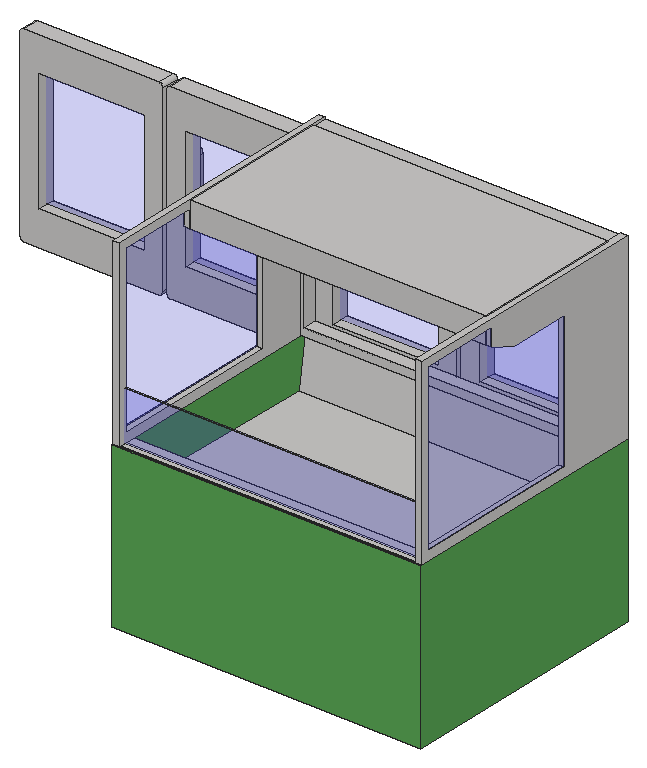
Revit family "Food-Service-Equipment_Oscartek_Italia_1_Self-Serve_Rear-Loading_cat", category Specialty Equipment, Revit 2026
Family settings
  Round Connector Dimension = Use Diameter
  Part Type = Normal
  Classification Number = 23.40.40.11
  Work Plane-Based = No
  Enable Cutting in Views = No
  Always vertical = Yes
  Cut with Voids When Loaded = No
  Maintain Annotation Orientation = No
  Shared = No
  Room Calculation Point = No
Parameters
  Weight in Pounds = 0
  Watts = Volts * FL Amps  # 0 W
  Volts = 0 V
  URL Cutsheet = "www.oscartek.com"
  URL = "www.oscartek.com"
  Type Comments = "As Specified"
  Test Data = "http://www.oscartek.com/company/clients.php"
  Specification by User = ""
  Specification by Manufacturer = ""
  Specification = "https://www.arcat.com/arcatcos/cos48/arc48760.html"
  Show Clearance [instance] = yes
  Serial Number = ""
  Seismic Rating = ""
  Sales Information = "http://www.oscartek.com/company/contact.php"
  SMACNA No = ""
  Revision Code = ""
  Revision = "R1_2018-10"
  Refrigerant Volume = 0.00 kip
  Refrigerant Type = ""
  Product Data = "http://www.oscartek.com/support/manuals/"
  Phase = 0
  Panel Finish [instance] = QF_Plastic - Green - Smooth
  Number of Poles = 1
  NAFEM Spec ID Number = ""
  Model = "ITALIA 1"
  Min Ckt Ampacity = 0 A
  Max Overcurrent Protection = 0 A
  Masterspec = ""
  Manufacturer Website = "http://www.oscartek.com/index.php"
  Manufacturer Phone - Toll Free = "855-885-2400"
  Manufacturer Phone = "650-342-2400"
  Manufacturer Fax = "650-342-7400"
  Manufacturer Address = "361 Beach Rd., Burlingame, CA 94010"
  Manufacturer = "OSCARTEK"
  Length = 39 1/2"
  Item Number = ""
  Installed By = ""
  Installation-Fabrication = "http://www.oscartek.com/support/manuals/"
  Identify Quantity as Lot = yes
  Height = 45 1/4"
  HP = ""
  Green Building-LEED = "https://www.arcat.com/green/green_building.shtml"
  Furnished By = ""
  Foodservice Equipment Identifier = yes
  FL Amps = 0 A
  Electrical Remarks = ""
  Electric Connection Type = ""
  Elec Conn RI Height = 0"
  Elec Conn Connection Height = 0"
  Drawn By = "Sumex Design, Inc. / Robert S. Weygant, CSI, CDT, SCIP"
  Door 4 [instance] = Part Code = 3  # yes
  Door 3 [instance] = and(Part Code = 2, not(Door 4))  # no
  Door 2 [instance] = and(or(Part Code = 1, Part Code = 2, Part Code = 3))  # yes
  Description = "SELF SERVE ITALIA 1 REAR LOADING"
  Depth = 33 1/8"
  Default Elevation = 0"
  Cycle = 0 Hz
  Copyright = "©Arcat Inc."
  Construction Details = "http://www.oscartek.com/support/manuals/"
  Conn Plug = ""
  Conn Conduit = yes
  Part Code = 3
  Code 4 [instance] = Part Code = 3  # yes
  Code 3 [instance] = Part Code = 2  # no
  Code 2 [instance] = Part Code = 1  # no
  Category = ""
  CSI MasterFormat = "11 41 33"
  Building Codes = "https://www.arcat.com/arcatcos/cos48/arc48760.html"
  BTUH = 0.0 Btu/h
  Apparent Power = 0 VA
Reference planes (in)
  plane 1 "BACK": y = 0
  plane 2: z = 0
  plane 3 "LEFT": x = 0
  plane 4 "RIGHT": x = 39.5
  plane 5 "FRONT": y = -33.125
  plane 6 "TOP": z = 45.25
  plane 7 "Center Y": x = 19.75
  plane 8 "Center X": y = -16.5625
  plane 9: x = 0.75
  plane 10: x = 38.6875
  plane 11: y = -2.06737
  plane 12: y = -21.69237
  plane 13: x = 3
  plane 14: x = 36.5
  plane 15: x = 38.6875
  plane 16: x = 38.3125
  plane 17: x = 0.6875
  plane 18: x = 19.5
  plane 19: z = 43.3977
  plane 20: z = 45.0852
  plane 21: x = 38.6875
Forms (in)
  Extrusion 1, solid, material "QF_Plastic - Green - Smooth" <- "Panel Finish"
    sketch origin (39.5, 0, 0) x (0, -1, 0) y (0, 0, 1)
      loop
        line (33.125, 1) -> (33.125, 21.9375) -> (0, 21.9375) -> (0, 1) -> (33.125, 1)
    from 0 to 0.8125
  Extrusion 2, solid, material "QF_Metal - Stainless - Polished"
    sketch origin (0.8125, 0, 0) x (0, 1, 0) y (0, 0, 1)
      loop
        line (-2.29429, 13.5) -> (-26.91929, 13.5) -> (-26.91929, 1) -> (-2.29429, 1) -> (-2.29429, 13.5)
    from 0 to 37.875
  Revolve 3, solid, material "QF_Metal - Stainless - Polished"
    sketch origin (3, -180, -2.80358) x (0, 0, -1) y (0, -1, 0)
      loop
        line (-2.80358, -153.43775) -> (-3.05358, -153.08071) -> (-3.30358, -153.08071) -> (-3.30358, -153.62145) -> (-3.80358, -153.62145) -> (-3.80358, -153.95571) -> (-2.80358, -153.95571) -> (-2.80358, -153.43775)
      axis (-3.80358, -153.95571) -> (-2.80358, -153.95571)
    angle from 0 to 360
  Revolve 4, solid, material "QF_Metal - Stainless - Polished"
    sketch origin (36.5, -180, -2.80358) x (0, 0, -1) y (0, -1, 0)
      loop
        line (-2.80358, -153.43775) -> (-3.05358, -153.08071) -> (-3.30358, -153.08071) -> (-3.30358, -153.62145) -> (-3.80358, -153.62145) -> (-3.80358, -153.95571) -> (-2.80358, -153.95571) -> (-2.80358, -153.43775)
      axis (-3.80358, -153.95571) -> (-2.80358, -153.95571)
    angle from 0 to 360
  Revolve 5, solid, material "QF_Metal - Stainless - Polished"
    sketch origin (3, -157.125, -2.80358) x (0, 0, -1) y (0, -1, 0)
      loop
        line (-2.80358, -153.43775) -> (-3.05358, -153.08071) -> (-3.30358, -153.08071) -> (-3.30358, -153.62145) -> (-3.80358, -153.62145) -> (-3.80358, -153.95571) -> (-2.80358, -153.95571) -> (-2.80358, -153.43775)
      axis (-3.80358, -153.95571) -> (-2.80358, -153.95571)
    angle from 0 to 360
  Revolve 6, solid, material "QF_Metal - Stainless - Polished"
    sketch origin (36.5, -157.125, -2.80358) x (0, 0, -1) y (0, -1, 0)
      loop
        line (-2.80358, -153.43775) -> (-3.05358, -153.08071) -> (-3.30358, -153.08071) -> (-3.30358, -153.62145) -> (-3.80358, -153.62145) -> (-3.80358, -153.95571) -> (-2.80358, -153.95571) -> (-2.80358, -153.43775)
      axis (-3.80358, -153.95571) -> (-2.80358, -153.95571)
    angle from 0 to 360
  Extrusion 7, solid, material "QF_Metal - Stainless - Polished"
    sketch origin (0.8125, -2.29429, 1) x (0, 0, 1) y (1, 0, 0)
      loop
        circle (6.57205, 7.05638) r 1.5
      loop
        line (11.03086, 9.38332) -> (10.03086, 9.38332) -> (10.03086, 7.38332) -> (11.03086, 7.38332) -> (11.03086, 9.38332)
      loop
        line (11.03086, 7.16124) -> (10.53086, 7.16124) -> (10.03086, 7.16124) -> (10.03086, 6.66124) -> (10.53086, 6.66124) -> (11.03086, 6.66124) -> (11.03086, 7.16124)
      loop
        line (11.03086, 6.53291) -> (10.53086, 6.53291) -> (10.03086, 6.53291) -> (10.03086, 6.03291) -> (10.53086, 6.03291) -> (11.03086, 6.03291) -> (11.03086, 6.53291)
      loop
        line (11.03086, 5.90458) -> (10.53086, 5.90458) -> (10.03086, 5.90458) -> (10.03086, 5.40458) -> (10.53086, 5.40458) -> (11.03086, 5.40458) -> (11.03086, 5.90458)
      loop
        line (11.03086, 5.27625) -> (10.53086, 5.27625) -> (10.03086, 5.27625) -> (10.03086, 4.77625) -> (10.53086, 4.77625) -> (11.03086, 4.77625) -> (11.03086, 5.27625)
      loop
        circle (8.06251, 9.75181) r 0.25
      loop
        circle (5.06251, 9.75181) r 0.25
      loop
        circle (8.06251, 4.36094) r 0.25
      loop
        circle (5.06251, 4.36094) r 0.25
    from 0 to 0.125
  Extrusion 8, solid, material "QF_Metal - Stainless - Polished"
    sketch origin (0.8125, -2.29429, 1) x (0, 0, 1) y (1, 0, 0)
      loop
        circle (10.51897, 2.63322) r 0.5
    from 0 to 0.125
  Extrusion 9, solid, material "QF_Metal - Stainless - Polished"
    sketch origin (0.8125, -2.16929, 1) x (0, 0, 1) y (1, 0, 0)
      loop
        circle (6.57705, 7.00671) r 1
    from 0 to 0.5
  Extrusion 10, solid, material "QF_Metal - Stainless - Polished"
    sketch origin (0.8125, -1.66929, 1) x (0, 0, 1) y (1, 0, 0)
      loop
        arc (7.03085, 7.89781) -> (6.57705, 8.00671) -> (6.12325, 7.89781) r 1
        arc (6.12325, 7.89781) -> (6.32225, 6.98889) -> (6.25168, 6.06112) r 3.20374
        arc (6.25168, 6.06112) -> (6.57705, 6.00671) -> (6.90242, 6.06112) r 1
        arc (6.90242, 6.06112) -> (6.83185, 6.98889) -> (7.03085, 7.89781) r 3.20374
    from 0 to 0.25
  Extrusion 11, solid, material "QF_Metal - Stainless - Polished", not visible
    sketch origin (0.8125, -2.29429, 1) x (0, 0, 1) y (1, 0, 0)
      loop
        circle (6.57205, 7.05638) r 1.5
      loop
        line (11.03086, 9.38332) -> (10.03086, 9.38332) -> (10.03086, 7.38332) -> (11.03086, 7.38332) -> (11.03086, 9.38332)
      loop
        line (11.03086, 7.16124) -> (10.53086, 7.16124) -> (10.03086, 7.16124) -> (10.03086, 6.66124) -> (10.53086, 6.66124) -> (11.03086, 6.66124) -> (11.03086, 7.16124)
      loop
        line (11.03086, 6.53291) -> (10.53086, 6.53291) -> (10.03086, 6.53291) -> (10.03086, 6.03291) -> (10.53086, 6.03291) -> (11.03086, 6.03291) -> (11.03086, 6.53291)
      loop
        line (11.03086, 5.90458) -> (10.53086, 5.90458) -> (10.03086, 5.90458) -> (10.03086, 5.40458) -> (10.53086, 5.40458) -> (11.03086, 5.40458) -> (11.03086, 5.90458)
      loop
        line (11.03086, 5.27625) -> (10.53086, 5.27625) -> (10.03086, 5.27625) -> (10.03086, 4.77625) -> (10.53086, 4.77625) -> (11.03086, 4.77625) -> (11.03086, 5.27625)
      loop
        circle (8.06251, 9.75181) r 0.25
      loop
        circle (5.06251, 9.75181) r 0.25
      loop
        circle (8.06251, 4.36094) r 0.25
      loop
        circle (5.06251, 4.36094) r 0.25
    from 0 to 0.125
  Extrusion 12, solid, material "QF_Metal - Stainless - Polished", not visible
    sketch origin (0.8125, -2.29429, 1) x (0, 0, 1) y (1, 0, 0)
      loop
        circle (10.51897, 2.63322) r 0.5
    from 0 to 0.125
  Extrusion 13, solid, material "QF_Metal - Stainless - Polished", not visible
    sketch origin (0.8125, -2.16929, 1) x (0, 0, 1) y (1, 0, 0)
      loop
        circle (6.57705, 7.00671) r 1
    from 0 to 0.5
  Extrusion 14, solid, material "QF_Metal - Stainless - Polished", not visible
    sketch origin (0.8125, -1.66929, 1) x (0, 0, 1) y (1, 0, 0)
      loop
        arc (7.03085, 7.89781) -> (6.57705, 8.00671) -> (6.12325, 7.89781) r 1
        arc (6.12325, 7.89781) -> (6.32225, 6.98889) -> (6.25168, 6.06112) r 3.20374
        arc (6.25168, 6.06112) -> (6.57705, 6.00671) -> (6.90242, 6.06112) r 1
        arc (6.90242, 6.06112) -> (6.83185, 6.98889) -> (7.03085, 7.89781) r 3.20374
    from 0 to 0.25
  Extrusion 15, solid, material "QF_Generic - Mesh", visible <- "Code 2"
    sketch origin (0.8125, -2.29429, 1) x (0, 0, 1) y (1, 0, 0)
      loop
        line (11.0629, 16.98619) -> (11.0629, 27.87662) -> (0.70948, 27.87662) -> (0.70948, 16.98619) -> (11.0629, 16.98619)
    from 0 to 0.0625
  Extrusion 16, solid, material "QF_Generic - Mesh", visible <- "Code 3"
    sketch origin (0.8125, -2.29429, 1) x (0, 0, 1) y (1, 0, 0)
      loop
        line (11.0629, -1.97269) -> (11.0629, 22.27242) -> (0.70948, 22.27242) -> (0.70948, -1.97269) -> (11.0629, -1.97269)
    from 0 to 0.0625
  Extrusion 17, solid, material "QF_Generic - Mesh", visible <- "Code 4"
    sketch origin (0.8125, -2.29429, 1) x (0, 0, 1) y (1, 0, 0)
      loop
        line (11.0629, -10.35097) -> (11.0629, 18.34571) -> (0.70948, 18.34571) -> (0.70948, -10.35097) -> (11.0629, -10.35097)
    from 0 to 0.0625
  Extrusion 18, solid, material "QF_Plastic - Green - Smooth" <- "Panel Finish"
    sketch origin (0, 0, 0) x (0, 1, 0) y (0, 0, 1)
      loop
        line (-33.125, 1) -> (0, 1) -> (0, 21.9375) -> (-33.125, 21.9375) -> (-33.125, 1)
    from 0 to 0.8125
  Extrusion 19, solid, material "QF_Metal - Stainless - Polished"
    sketch origin (0.8125, 0, 0) x (0, 1, 0) y (0, 0, 1)
      loop
        line (-32.875, 21.9375) -> (-32.875, 13.5) -> (-2.04429, 13.5) -> (-2.04429, 16.5852) -> (0, 16.5852) -> (0, 18.9773) -> (-2.27007, 18.9773) -> (-2.27007, 21.9375) -> (-3.27007, 21.9375) -> (-4.25404, 15.76481) -> (-30.625, 16.2273) -> (-30.625, 21.9375) -> (-32.875, 21.9375)
      loop
        line (-2.06737, 43.5227) -> (0, 43.5227) -> (0, 45.0852) -> (-2.06737, 45.0852) -> (-2.06737, 43.5227)
    from 0 to 37.875
  Extrusion 20, solid, material "Glass"
    sketch origin (0.8125, 0.75, 0) x (0, 1, 0) y (0, 0, 1)
      loop
        line (-32.9375, 21.9375) -> (-32.6875, 21.9375) -> (-32.6875, 28.3523) -> (-32.9375, 28.3523) -> (-32.9375, 21.9375)
    from 0 to 37.875
  Extrusion 21, solid, material "QF_Metal - Stainless - Polished"
    sketch origin (0.8125, -2.07855, 49.1875) x (0, 0, -1) y (-1, 0, 0)
      loop
        line (27.0852, -37.875) -> (27.0852, 0) -> (5.7898, 0) -> (5.7898, -37.875) -> (27.0852, -37.875)
      loop
        line (6.7898, -0.5) -> (6.7898, -37.375) -> (26.0852, -37.375) -> (26.0852, -0.5) -> (6.7898, -0.5)
    from -0.2027 to -2
  Extrusion 22, solid, material "QF_Metal - Stainless - Polished"
    sketch origin (0.8125, 0, -3.9375) x (0, 1, 0) y (0, 0, 1)
      loop
        line (-21.69237, 49.1875) -> (-21.69237, 45.9375) -> (-18.08647, 44.5) -> (-16.22239, 44.5) -> (-16.22239, 45.5) -> (-4.07855, 45.5) -> (-4.07855, 47.3352) -> (-2.06737, 47.3352) -> (-2.06737, 49.1875) -> (-21.69237, 49.1875)
    from 0 to 37.875
  Extrusion 23, solid, material "QF_Metal - Stainless - Polished"
    sketch origin (0, 0, 0) x (0, 1, 0) y (0, 0, 1)
      loop
        line (0, 21.9375) -> (0, 45.25) -> (-32.9375, 45.25) -> (-32.9375, 21.9375) -> (0, 21.9375)
      loop
        line (-9.99396, 40.5625) -> (-18.08647, 40.5625) -> (-21.69237, 42) -> (-21.69237, 44.25) -> (-31.9375, 44.25) -> (-31.9375, 23.1023) -> (-9.99396, 23.1023) -> (-9.99396, 40.5625)
    from 0 to 0.8125
  Extrusion 24, solid, material "Glass"
    sketch origin (0, 0, 0) x (0, 1, 0) y (0, 0, 1)
      loop
        line (-9.99396, 40.5625) -> (-18.08647, 40.5625) -> (-21.69237, 42) -> (-21.69237, 44.25) -> (-31.9375, 44.25) -> (-31.9375, 23.1023) -> (-9.99396, 23.1023) -> (-9.99396, 40.5625)
    from 0 to 0.125
  Extrusion 25, solid, material "QF_Metal - Stainless - Polished"
    sketch origin (39.5, 0, 0) x (0, -1, 0) y (0, 0, 1)
      loop
        line (0, 21.9375) -> (32.9375, 21.9375) -> (32.9375, 45.25) -> (0, 45.25) -> (0, 21.9375)
      loop
        line (9.99396, 40.5625) -> (9.99396, 23.1023) -> (31.9375, 23.1023) -> (31.9375, 44.25) -> (21.69237, 44.25) -> (21.69237, 42) -> (18.08647, 40.5625) -> (9.99396, 40.5625)
    from 0 to 0.8125
  Extrusion 26, solid, material "Glass"
    sketch origin (39.5, 0, 0) x (0, -1, 0) y (0, 0, 1)
      loop
        line (9.99396, 40.5625) -> (9.99396, 23.1023) -> (31.9375, 23.1023) -> (31.9375, 44.25) -> (21.69237, 44.25) -> (21.69237, 42) -> (18.08647, 40.5625) -> (9.99396, 40.5625)
    from 0 to 0.125
  Extrusion 27, solid, material "QF_Plastic - Green - Smooth" <- "Panel Finish"
    sketch origin (0.8125, -32.875, 13.375) x (0, 0, 1) y (-1, 0, 0)
      loop
        line (8.5625, 0) -> (-12.375, 0) -> (-12.375, -37.875) -> (8.5625, -37.875) -> (8.5625, 0)
    from 0 to 0.25
Cuts and joins
  joined: Extrusion 1, Extrusion 18, Extrusion 27
Lines and regions (in)
  symbolic lines
    curve 1: line (0, 0, 0) -> (39.5, 0, 0)
    curve 2: line (0, -33.125, 0) -> (0, 0, 0)
    curve 3: line (39.5, -33.125, 0) -> (0, -33.125, 0)
    curve 4: line (39.5, 0, 0) -> (39.5, -33.125, 0)
    curve 5: line (0.75, 0, 0) -> (0.75, -33.125, 0)
    curve 6: line (38.6875, 0, 0) -> (38.6875, -33.125, 0)
    curve 7: line (0.75, -21.69237, 0) -> (38.6875, -21.69237, 0)
    curve 8: line (0.75, -22.79805, 0) -> (38.6875, -22.79805, 0)
    curve 9: line (38.6875, -30.625, 0) -> (0.75, -30.625, 0)
    curve 10: line (38.6875, -2.06737, 0) -> (0.75, -2.06737, 0)
Dimensions and locks (in)
  equal spacing: plane 3 "LEFT", plane 7 "Center Y", plane 4 "RIGHT"
  "Length": plane 3 "LEFT" to plane 4 "RIGHT"
  equal spacing: plane 5 "FRONT", plane 8 "Center X", plane 1 "BACK"
  "Depth": plane 5 "FRONT" to plane 1 "BACK"
  "Height": plane 6 "TOP" to level
  plane 3 "LEFT" to plane 9 = 3/4"
  locked: plane 10 to plane 4 "RIGHT" at 0.8125
  plane 6 "TOP" to plane 2 = 45 1/4"
  plane 12 to plane 11 = 19 5/8"
  plane 3 "LEFT" to plane 13 = 3"
  locked: plane 4 "RIGHT" to plane 14 at 3
  plane 4 "RIGHT" to Extrusion 15 sketch curve to Extrusion 15 sketch curve = 10.81088" locked, 10.89043" locked
  plane 5 "FRONT" to plane 1 "BACK" = 33 1/8"
  plane 4 "RIGHT" to Extrusion 16 sketch curve to Extrusion 16 sketch curve = 16.41508" locked, 24.24511" locked
  plane 4 "RIGHT" to Extrusion 17 sketch curve to Extrusion 17 sketch curve = 20.34179" locked, 28.69668" locked
  plane 15 to plane 9 = 37 15/16"
  plane 4 "RIGHT" to plane 3 "LEFT" = 39 1/2"
  locked: plane 4 "RIGHT" to plane 16 at 1.1875
  locked: plane 17 to nested 5 at 18.8125
  locked: plane 16 to plane 18 at 18.8125
  locked: plane 18 to plane 17 at 18.8125
  plane 20 to Extrusion 19 sketch curve = 28 1/2"
  locked: plane 21 to plane 4 "RIGHT" at 0.8125
  locked: Extrusion 25 to level at 21.9375
  locked: Extrusion 25 to plane 6 "TOP" at 23.3125
  locked: Extrusion 26 to Extrusion 25 at 18.625
  locked: Extrusion 19 to Extrusion 19 at 28.5
  locked: Extrusion 19 to plane 6 "TOP" at 31.75
  aligned and locked: level to plane 2
  aligned and locked: Extrusion 2 to Extrusion 1
  aligned and locked: plane 15 to plane 10
  aligned and locked: nested 1 to nested 2
  aligned and locked: plane 16 to nested 3
  aligned and locked: nested 2 to plane 17
  aligned and locked: nested 4 to plane 18
  aligned and locked: Extrusion 19 to plane 21
  aligned and locked: Extrusion 19 to Extrusion 20
  aligned and locked: Extrusion 19 to Extrusion 22
Automatic sketch dimensions
  Extrusion 7 sketch curve to Extrusion 7 sketch curve = 1.50953"  (x2)
  Extrusion 7 sketch curve to Extrusion 7 sketch curve = 3"  (x2)
  Extrusion 7 sketch curve to Extrusion 7 sketch curve = 1.96835"  (x2)
  Extrusion 7 sketch curve to Extrusion 7 sketch curve = 0"  (x12)
  Extrusion 7 sketch curve to Extrusion 7 sketch curve = 1/2"  (x9)
  Extrusion 7 sketch curve to Extrusion 7 sketch curve = 0.41531"
  Extrusion 7 sketch curve to Extrusion 7 sketch curve = 0.12833"  (x3)
  Extrusion 7 sketch curve to Extrusion 7 sketch curve = 2.69544"  (x2)
  Extrusion 7 sketch curve to Extrusion 7 sketch curve = 0.22208"
  Extrusion 7 sketch curve to Extrusion 7 sketch curve = 2"
  Extrusion 7 sketch curve to Extrusion 7 sketch curve = 0.36849"
  Extrusion 9 sketch curve to Extrusion 7 = 0.15453"
  Extrusion 7 to Extrusion 9 sketch curve = 3.45381"
  Extrusion 10 sketch curve to Extrusion 10 sketch curve = 0"  (x4)
  Extrusion 10 sketch curve to Extrusion 10 sketch curve = 0.12843"
  Extrusion 10 sketch curve to Extrusion 10 sketch curve = 0.65074"
  Extrusion 10 sketch curve to Extrusion 10 sketch curve = 0.90761"
  Extrusion 10 sketch curve to Extrusion 10 sketch curve = 0.70429"
  Extrusion 10 sketch curve to Extrusion 10 sketch curve = 2.99693"
  Extrusion 11 sketch curve to Extrusion 11 sketch curve = 1.50953"  (x2)
  Extrusion 11 sketch curve to Extrusion 11 sketch curve = 3"  (x2)
  Extrusion 11 sketch curve to Extrusion 11 sketch curve = 1.96835"  (x2)
  Extrusion 11 sketch curve to Extrusion 11 sketch curve = 0"  (x12)
  Extrusion 11 sketch curve to Extrusion 11 sketch curve = 1/2"  (x9)
  Extrusion 11 sketch curve to Extrusion 11 sketch curve = 0.41531"
  Extrusion 11 sketch curve to Extrusion 11 sketch curve = 0.12833"  (x3)
  Extrusion 11 sketch curve to Extrusion 11 sketch curve = 2.69544"  (x2)
  Extrusion 11 sketch curve to Extrusion 11 sketch curve = 0.22208"
  Extrusion 11 sketch curve to Extrusion 11 sketch curve = 2"
  Extrusion 11 sketch curve to Extrusion 11 sketch curve = 0.36849"
  Extrusion 13 sketch curve to Extrusion 11 = 0.15453"
  Extrusion 11 to Extrusion 13 sketch curve = 3.45381"
  Extrusion 14 sketch curve to Extrusion 14 sketch curve = 0"  (x4)
  Extrusion 14 sketch curve to Extrusion 14 sketch curve = 0.12843"
  Extrusion 14 sketch curve to Extrusion 14 sketch curve = 0.65074"
  Extrusion 14 sketch curve to Extrusion 14 sketch curve = 0.90761"
  Extrusion 14 sketch curve to Extrusion 14 sketch curve = 0.70429"
  Extrusion 14 sketch curve to Extrusion 14 sketch curve = 2.99693"
  curve 3 to plane 3 "LEFT" = 0"
  curve 8 to plane 9 = 0"
  curve 8 to plane 10 = 0"
  plane 1 "BACK" to curve 1 = 0"
  curve 1 to plane 4 "RIGHT" = 0"
  plane 5 "FRONT" to curve 5 = 0"
  curve 7 to plane 12 = 0"
  curve 10 to plane 11 = 0"
  curve 9 to plane 5 "FRONT" = 2 1/2"
  curve 8 to plane 12 = 1.10568"
  Extrusion 1 sketch curve to plane 5 "FRONT" = 0"
  Extrusion 2 sketch curve to plane 12 = 5.22691"
  Extrusion 2 sketch curve to plane 11 = 0.22691"
  level to Extrusion 2 sketch curve = 1"
  Extrusion 2 sketch curve to Extrusion 2 sketch curve = 12 1/2"
  Revolve 3 sketch curve to level = 0"
  level to Revolve 3 sketch curve = 1/4"
  Revolve 3 sketch curve to Revolve 3 sketch curve = 1/4"  (x2)
  Revolve 3 sketch curve to Revolve 3 sketch curve = 1/2"  (x2)
  Revolve 3 sketch curve to plane 12 = 4.35191"
  Revolve 3 sketch curve to Revolve 3 sketch curve = 0.33426"
  Revolve 3 sketch curve to Revolve 3 sketch curve = 0.51796"
  Revolve 3 sketch curve to Revolve 3 sketch curve = 0.54074"
  Revolve 3 sketch curve to Revolve 3 sketch curve = 0"
  Revolve 4 sketch curve to level = 0"
  Revolve 4 sketch curve to level = 1/4"
  Revolve 4 sketch curve to Revolve 4 sketch curve = 1/4"  (x2)
  Revolve 4 sketch curve to Revolve 4 sketch curve = 1/2"  (x2)
  plane 12 to Revolve 4 sketch curve = 4.35191"
  Revolve 4 sketch curve to Revolve 4 sketch curve = 0.33426"
  Revolve 4 sketch curve to Revolve 4 sketch curve = 0.51796"
  Revolve 4 sketch curve to Revolve 4 sketch curve = 0.54074"
  Revolve 4 sketch curve to Revolve 4 sketch curve = 0"
  Revolve 5 sketch curve to level = 0"
  level to Revolve 5 sketch curve = 1/4"
  Revolve 5 sketch curve to Revolve 5 sketch curve = 1/4"  (x2)
  Revolve 5 sketch curve to Revolve 5 sketch curve = 1/2"  (x2)
  Revolve 5 sketch curve to plane 11 = 1.10191"
  Revolve 5 sketch curve to Revolve 5 sketch curve = 0.33426"
  Revolve 5 sketch curve to Revolve 5 sketch curve = 0.51796"
  Revolve 5 sketch curve to Revolve 5 sketch curve = 0.54074"
  Revolve 5 sketch curve to Revolve 5 sketch curve = 0"
  Revolve 6 sketch curve to level = 0"
  Revolve 6 sketch curve to level = 1/4"
  Revolve 6 sketch curve to Revolve 6 sketch curve = 1/4"  (x2)
  Revolve 6 sketch curve to Revolve 6 sketch curve = 1/2"  (x2)
  plane 11 to Revolve 6 sketch curve = 1.10191"
  Revolve 6 sketch curve to Revolve 6 sketch curve = 0.33426"
  Revolve 6 sketch curve to Revolve 6 sketch curve = 0.51796"
  Revolve 6 sketch curve to Revolve 6 sketch curve = 0.54074"
  Revolve 6 sketch curve to Revolve 6 sketch curve = 0"
  Extrusion 2 to Extrusion 15 sketch curve = 0.70948"
  Extrusion 15 sketch curve to Extrusion 2 = 1.4371"
  Extrusion 2 to Extrusion 16 sketch curve = 0.70948"
  Extrusion 16 sketch curve to Extrusion 2 = 1.4371"
  Extrusion 2 to Extrusion 17 sketch curve = 0.70948"
  Extrusion 17 sketch curve to Extrusion 2 = 1.4371"
  Extrusion 18 sketch curve to plane 1 "BACK" = 0"
  level to Extrusion 18 sketch curve = 1"
  Extrusion 19 sketch curve to plane 5 "FRONT" = 1/4"
  Extrusion 19 sketch curve to plane 11 = 0"
  Extrusion 19 sketch curve to plane 1 "BACK" = 0"  (x2)
  Extrusion 19 sketch curve to plane 20 = 0"
  Extrusion 19 sketch curve to plane 5 "FRONT" = 2 1/2"
  Extrusion 19 sketch curve to plane 11 = 2.18666"
  Extrusion 19 sketch curve to plane 11 = 1.2027"
  Extrusion 19 sketch curve to plane 11 = 0.2027"
  plane 11 to Extrusion 19 sketch curve = 0.02309"
  level to Extrusion 19 sketch curve = 16.2273"
  Extrusion 19 sketch curve to Extrusion 19 sketch curve = 0.82038"
  Extrusion 19 sketch curve to Extrusion 19 sketch curve = 2.7273"
  Extrusion 19 sketch curve to Extrusion 19 sketch curve = 2.39211"
  Extrusion 19 sketch curve to Extrusion 19 sketch curve = 2.9602"
  Extrusion 19 sketch curve to Extrusion 19 sketch curve = 5.7102"
  Extrusion 20 sketch curve to plane 5 "FRONT" = 15/16"
  Extrusion 20 sketch curve to Extrusion 20 sketch curve = 1/4"
  Extrusion 20 sketch curve to Extrusion 20 sketch curve = 6.4148"
  plane 10 to Extrusion 21 sketch curve = 0"
  Extrusion 21 sketch curve to plane 19 = 0"
  Extrusion 21 sketch curve to plane 19 = 1"
  plane 9 to Extrusion 21 sketch curve = 9/16"
  plane 9 to Extrusion 21 sketch curve = 1/16"
  Extrusion 21 sketch curve to Extrusion 21 sketch curve = 1"
  Extrusion 21 sketch curve to plane 16 = 1/8"
  Extrusion 22 sketch curve to plane 12 = 0"
  Extrusion 22 sketch curve to plane 19 = 0"
  Extrusion 22 sketch curve to plane 6 "TOP" = 0"
  Extrusion 22 sketch curve to plane 11 = 0"
  Extrusion 22 sketch curve to plane 8 "Center X" = 1.52397"
  plane 8 "Center X" to Extrusion 22 sketch curve = 0.34011"
  Extrusion 22 sketch curve to Extrusion 22 sketch curve = 2.01118"
  Extrusion 22 sketch curve to plane 19 = 1.3977"
  Extrusion 23 sketch curve to plane 6 "TOP" = 0"
  Extrusion 23 sketch curve to plane 12 = 0"
  Extrusion 23 sketch curve to plane 1 "BACK" = 0"
  Extrusion 23 sketch curve to plane 5 "FRONT" = 1 3/16"
  Extrusion 23 sketch curve to plane 5 "FRONT" = 3/16"
  Extrusion 23 sketch curve to plane 8 "Center X" = 1.52397"
  plane 8 "Center X" to Extrusion 23 sketch curve = 6.56854"
  Extrusion 23 sketch curve to Extrusion 23 sketch curve = 1.1648"
  Extrusion 23 sketch curve to plane 19 = 1.3977"
  plane 19 to Extrusion 23 sketch curve = 0.8523"
  Extrusion 24 sketch curve to plane 12 = 0"
  Extrusion 24 sketch curve to plane 5 "FRONT" = 1 3/16"
  Extrusion 24 sketch curve to plane 8 "Center X" = 1.52397"
  plane 8 "Center X" to Extrusion 24 sketch curve = 6.56854"
  Extrusion 24 sketch curve to plane 19 = 1.3977"
  plane 19 to Extrusion 24 sketch curve = 0.8523"
  Extrusion 25 sketch curve to plane 1 "BACK" = 0"
  Extrusion 25 sketch curve to plane 12 = 0"
  Extrusion 25 sketch curve to plane 6 "TOP" = 0"
  plane 8 "Center X" to Extrusion 25 sketch curve = 6.56854"
  Extrusion 25 sketch curve to plane 8 "Center X" = 1.52397"
  Extrusion 25 sketch curve to plane 5 "FRONT" = 1 3/16"
  Extrusion 25 sketch curve to plane 5 "FRONT" = 3/16"
  Extrusion 25 sketch curve to Extrusion 25 sketch curve = 1.1648"
  Extrusion 25 sketch curve to plane 19 = 1.3977"
  plane 19 to Extrusion 25 sketch curve = 0.8523"
  Extrusion 26 sketch curve to plane 12 = 0"
  Extrusion 26 sketch curve to plane 8 "Center X" = 1.52397"
  plane 8 "Center X" to Extrusion 26 sketch curve = 6.56854"
  Extrusion 26 sketch curve to plane 5 "FRONT" = 1 3/16"
  Extrusion 26 sketch curve to plane 19 = 1.3977"
  plane 19 to Extrusion 26 sketch curve = 0.8523"
  Extrusion 20 sketch curve to plane 19 = 21.4602"
  Extrusion 21 sketch curve to Extrusion 21 sketch curve = 19.29539"
  Extrusion 22 sketch curve to Extrusion 22 sketch curve = 1.8352"
  Extrusion 22 sketch curve to Extrusion 22 sketch curve = 1"
  Extrusion 23 sketch curve to plane 19 = 2.8352"
  Extrusion 23 sketch curve to plane 19 = 20.29539"
  Extrusion 24 sketch curve to plane 19 = 2.8352"
  Extrusion 24 sketch curve to plane 19 = 20.29539"
  Extrusion 25 sketch curve to plane 19 = 2.8352"
  Extrusion 25 sketch curve to plane 19 = 20.29539"
  Extrusion 26 sketch curve to plane 19 = 2.8352"
  Extrusion 26 sketch curve to plane 19 = 20.29539"
  Extrusion 18 sketch curve to plane 5 "FRONT" = 0"
  Extrusion 18 sketch curve to Extrusion 18 sketch curve = 20 15/16"
  Extrusion 1 sketch curve to plane 1 "BACK" = 0"
  level to Extrusion 1 sketch curve = 1"
  Extrusion 1 sketch curve to Extrusion 1 sketch curve = 20 15/16"
  Extrusion 19 to Extrusion 27 sketch curve = 0"  (x2)
  Extrusion 27 sketch curve to Extrusion 19 = 0"
  Extrusion 19 to Extrusion 27 sketch curve = 12 1/2"
  plane 19 to Extrusion 19 sketch curve = 1/8"
  radius of Extrusion 7 sketch curve = 1 1/2"
  radius of Extrusion 7 sketch curve = 1/4"  (x4)
  radius of Extrusion 8 sketch curve = 1/2"
  radius of Extrusion 9 sketch curve = 1"
  radius of Extrusion 10 sketch curve to Extrusion 9 = 0"
  radius of Extrusion 11 sketch curve = 1 1/2"
  radius of Extrusion 11 sketch curve = 1/4"  (x4)
  radius of Extrusion 12 sketch curve = 1/2"
  radius of Extrusion 13 sketch curve = 1"
  radius of Extrusion 14 sketch curve to Extrusion 13 = 0"
Nested families (in)
  nested 1: "PARAMETRIC DOOR" at (0.6875, 0, 19.0852) x (-1, 0, 0) z (0, 0, 1), Show Clearance <- "Show Clearance", visible <- "Door 4", type "PARAMETRIC DOOR"
    with Show Clearance yes, Height 24 5/16"
  nested 2: "PARAMETRIC DOOR" at (-17.625, 0, 19.0852), Show Clearance <- "Show Clearance", visible <- "Door 3", type "PARAMETRIC DOOR"
    with Show Clearance yes, Height 24 5/16"
  nested 3: "PARAMETRIC DOOR" at (38.3125, 0, 19.0852) x (-1, 0, 0) z (0, 0, 1), Show Clearance <- "Show Clearance", visible <- "Door 2", type "PARAMETRIC DOOR"
    with Show Clearance yes, Height 24 5/16"
  nested 4: "PARAMETRIC DOOR" at (1.1875, 0, 19.0852), Show Clearance <- "Show Clearance", visible <- "Door 2", type "PARAMETRIC DOOR"
    with Show Clearance yes, Height 24 5/16"
  nested 5: "PARAMETRIC DOOR" at (-36.4375, 0, 19.0852), Show Clearance <- "Show Clearance", visible <- "Door 4", type "PARAMETRIC DOOR"
    with Show Clearance yes, Height 24 5/16"
Connectors (in)
  electrical at (3.44572, -2.16929, 11.51897), driven by "Volts", driven by "Watts"
    settings: on Extrusion 8, index 1, voltage 0 V, apparent load 0 VA, apparent load phase1 0 VA, apparent load phase2 0 VA, apparent load phase3 0 VA, power factor 1, load classification "Other", number of poles 1, system type 30, power factor state 1, is connector primary yes, connector utility no, sub classification motor no, connector description "ELECTRICAL CONNECTION"
Definition of nested family "PARAMETRIC DOOR"
  Parameters (values of type "PARAMETRIC DOOR")
    Weight in Pounds = 0
    Watts = 0 W
    Volts = 0 V
    URL Cutsheet = ""
    Specification by User = ""
    Specification by Manufacturer = ""
    Show Clearance [instance] = yes
    Serial Number = ""
    Seismic Rating = ""
    SMACNA No = ""
    Revision Code = ""
    Phase = 0
    Number of Poles = 1
    NAFEM Spec ID Number = ""
    Min Ckt Ampacity = 0 A
    Max Overcurrent Protection = 0 A
    Masterspec = ""
    Length = 18 5/16"
    Item Number = ""
    Installed By = ""
    Identify Quantity as Lot = yes
    Height = 25"
    HP = ""
    Furnished By = ""
    Foodservice Equipment Identifier = yes
    FL Amps = 0 A
    Electrical Remarks = ""
    Electric Connection Type = ""
    Elec Conn RI Height = 0"
    Elec Conn Connection Height = 0"
    Depth = 2 9/32"
    Default Elevation = 0"
    Cycle = 0 Hz
    Conn Plug = ""
    Conn Conduit = yes
    CSI MasterFormat = ""
    Apparent Power = 0 VA
  Reference planes (in)
    plane 1 "BACK": y = 0
    plane 2: z = 0
    plane 3 "LEFT": x = 0
    plane 4 "RIGHT": x = 18.3125
    plane 5 "FRONT": y = -2.28125
    plane 6 "TOP": z = 25
    plane 7 "Center Y": x = 9.15625
    plane 8 "Center X": y = -1.14062
    plane 9: y = -2.06737
    plane 10: z = 12.5
  Forms (in)
    Extrusion 1, solid
      sketch origin (-0.30042, -2.27007, 388.20582) x (0, 0, -1) y (-1, 0, 0)
        loop
          arc (363.20582, -18.11292) -> (363.35227, -18.46647) -> (363.70582, -18.61292) r 0.5
          line (363.70582, -18.61292) -> (387.70582, -18.61292)
          arc (387.70582, -18.61292) -> (388.05937, -18.46647) -> (388.20582, -18.11292) r 0.5
          line (388.20582, -18.11292) -> (388.20582, -0.80042)
          arc (388.20582, -0.80042) -> (388.05937, -0.44686) -> (387.70582, -0.30042) r 0.5
          line (387.70582, -0.30042) -> (363.70582, -0.30042)
          arc (363.70582, -0.30042) -> (363.35227, -0.44686) -> (363.20582, -0.80042) r 0.5
          line (363.20582, -0.80042) -> (363.20582, -18.11292)
        loop
          line (367.55417, -16.26917) -> (383.86667, -16.26917) -> (383.86667, -2.64417) -> (367.55417, -2.64417) -> (367.55417, -16.26917)
      from 0 to 2.27007
    Extrusion 2, solid
      sketch origin (-0.30042, 0, 388.20582) x (0, 0, -1) y (-1, 0, 0)
        loop
          line (367.55417, -16.26917) -> (383.86667, -16.26917) -> (383.86667, -2.64417) -> (367.55417, -2.64417) -> (367.55417, -16.26917)
      from 0 to -1
    Extrusion 3, solid, visible <- "Show Clearance", detail levels coarse
      sketch origin (17.8125, -2.27007, 25) x (-1, 0, 0) y (0, -1, 0)
        loop
          line (17.8125, -2.27007) -> (-0.5, -2.27007)
          arc (-0.5, -2.27007) -> (4.86361, -15.21897) -> (17.8125, -20.58257) r 18.3125
          line (17.8125, -20.58257) -> (17.8125, -2.27007)
      from 0 to -25
    Sweep 4, solid
      path origin (17.12645, -180, -5.59026) x (0, 0, -1) y (0, -1, 0)
        loop
          line (-22.02776, -180) -> (-22.02776, -180.75)
          arc (-22.02776, -180.75) -> (-21.80809, -181.28033) -> (-21.27776, -181.5) r 0.75
          line (-21.27776, -181.5) -> (-14.90276, -181.5)
          arc (-14.90276, -181.5) -> (-14.37243, -181.28033) -> (-14.15276, -180.75) r 0.75
          line (-14.15276, -180.75) -> (-14.15276, -180)
      profile origin (17.12645, 0.375, 16.4375) x (0, 0, -1) y (-1, 0, 0)
        loop
          circle (0, 0) r 0.25
    Extrusion 5, solid, not visible
      sketch origin (-0.30042, -2.27007, 259.73607) x (0, 0, -1) y (-1, 0, 0)
        loop
          arc (323.96338, -18.11292) -> (324.10983, -18.46647) -> (324.46338, -18.61292) r 0.5
          line (324.46338, -18.61292) -> (355.58082, -18.61292)
          arc (355.58082, -18.61292) -> (355.93437, -18.46647) -> (356.08082, -18.11292) r 0.5
          line (356.08082, -18.11292) -> (356.08082, -0.80042)
          arc (356.08082, -0.80042) -> (355.93437, -0.44686) -> (355.58082, -0.30042) r 0.5
          line (355.58082, -0.30042) -> (324.46338, -0.30042)
          arc (324.46338, -0.30042) -> (324.10983, -0.44686) -> (323.96338, -0.80042) r 0.5
          line (323.96338, -0.80042) -> (323.96338, -18.11292)
        loop
          line (328.33921, -16.28665) -> (351.71421, -16.28665) -> (351.71421, -2.66165) -> (328.33921, -2.66165) -> (328.33921, -16.28665)
      from 0 to 2.27007
    Extrusion 6, solid, not visible
      sketch origin (-0.30042, 0, 259.73607) x (0, 0, -1) y (-1, 0, 0)
        loop
          line (328.33921, -16.28665) -> (351.71421, -16.28665) -> (351.71421, -2.66165) -> (328.33921, -2.66165) -> (328.33921, -16.28665)
      from 0 to -1
    Extrusion 7, solid, visible <- "Show Clearance", not visible, detail levels coarse
      sketch origin (17.8125, -2.27007, -64.22731) x (-1, 0, 0) y (0, -1, 0)
        loop
          line (17.8125, -2.27007) -> (-0.5, -2.27007)
          arc (-0.5, -2.27007) -> (4.86361, -15.21897) -> (17.8125, -20.58257) r 18.3125
          line (17.8125, -20.58257) -> (17.8125, -2.27007)
      from 0 to -32.11744
    Sweep 8, solid, not visible
      path origin (17.12645, -180, -99.69257) x (0, 0, -1) y (0, -1, 0)
        loop
          line (-21.89517, -180) -> (-21.89517, -180.75)
          arc (-21.89517, -180.75) -> (-21.6755, -181.28033) -> (-21.14517, -181.5) r 0.75
          line (-21.14517, -181.5) -> (-14.77017, -181.5)
          arc (-14.77017, -181.5) -> (-14.23984, -181.28033) -> (-14.02017, -180.75) r 0.75
          line (-14.02017, -180.75) -> (-14.02017, -180)
      profile origin (17.12645, 0.375, -77.7974) x (0, 0, -1) y (-1, 0, 0)
        loop
          circle (0, 0) r 0.25
  Lines and regions (in)
    symbolic lines, visible <- "Show Clearance", detail levels coarse
      curve 1: arc (18.3125, 0, 0) -> (17.68852, 4.73962, 0) -> (15.85909, 9.15625, 0) r 18.3125
      curve 2: line (15.85909, 9.15625, 0) -> (0, 0, 0)
    symbolic lines
      curve 3: line (17.37645, 0, 0) -> (17.37645, 1.49435, 0)
      curve 4: line (16.87645, 0, 0) -> (16.87645, 1.49435, 0)
      curve 5: arc (17.37645, 1.49435, 0) -> (17.12645, 1.74435, 0) -> (16.87645, 1.49435, 0) r 0.25
  Dimensions and locks (in)
    equal spacing: plane 3 "LEFT", plane 7 "Center Y", plane 4 "RIGHT"
    "Length": plane 3 "LEFT" to plane 4 "RIGHT"
    equal spacing: plane 5 "FRONT", plane 8 "Center X", plane 1 "BACK"
    "Depth": plane 5 "FRONT" to plane 1 "BACK"
    Extrusion 1 to Extrusion 1 = 13 5/8"
    Extrusion 1 to Extrusion 1 = 16 5/16"
    "Height": plane 6 "TOP" to level
    equal spacing: Sweep 4 sketch curve, plane 10, Sweep 4 sketch curve
    equal spacing: plane 6 "TOP", plane 10, level
    aligned and locked: level to plane 2
    aligned and locked: Extrusion 3 to level
    aligned and locked: plane 6 "TOP" to Extrusion 1 sketch curve
  Automatic sketch dimensions
    Extrusion 1 to Extrusion 3 sketch curve = 0"
    Extrusion 3 sketch curve to Extrusion 1 = 1/2"  (x2)
    Sweep 4 sketch curve to Sweep 4 sketch curve = 3/4"  (x4)
    Sweep 4 sketch curve to profile plane = 0"
    profile plane to Sweep 4 sketch curve = 0"
    plane 1 "BACK" to curve 2 = 0"
    curve 2 to plane 3 "LEFT" = 0"
    plane 1 "BACK" to curve 1 = 0"
    curve 1 to plane 3 "LEFT" = 0"
    plane 1 "BACK" to curve 4 = 0"
    plane 1 "BACK" to curve 3 = 0"
    curve 1 to plane 4 "RIGHT" = 0"
    plane 4 "RIGHT" to curve 2 = 2.45341"
    plane 4 "RIGHT" to curve 4 = 1.43605"
    curve 4 to curve 5 = 1/4"
    curve 3 to plane 1 "BACK" = 1.49435"
    Extrusion 5 sketch curve to Extrusion 5 sketch curve = 1/2"  (x3)
    Extrusion 5 sketch curve to Extrusion 5 sketch curve = 3.87582"
    Extrusion 5 sketch curve to Extrusion 5 sketch curve = 13 5/8"
    Extrusion 5 sketch curve to Extrusion 5 sketch curve = 1.82627"
    Extrusion 6 sketch curve to Extrusion 5 = 0"  (x4)
    Extrusion 5 to Extrusion 7 sketch curve = 0"
    Extrusion 7 sketch curve to Extrusion 5 = 1/2"  (x2)
    Extrusion 5 sketch curve to Extrusion 5 sketch curve = 3.86661"  (x2)
    Extrusion 5 sketch curve to Extrusion 5 sketch curve = 23 3/8"
    Extrusion 5 sketch curve to Extrusion 5 sketch curve = 1.86123"
    Sweep 4 sketch curve to plane 1 "BACK" = 0"
    Sweep 8 sketch curve to Sweep 8 sketch curve = 3/4"  (x4)
    Sweep 8 sketch curve to Sweep 8 sketch curve = 6 3/8"
    Extrusion 1 sketch curve to plane 3 "LEFT" = 0"
    plane 4 "RIGHT" to Extrusion 1 sketch curve = 0"
    Extrusion 1 sketch curve to level = 0"
    plane 3 "LEFT" to Extrusion 1 sketch curve = 1/2"
    Extrusion 1 sketch curve to Extrusion 1 sketch curve = 3.84836"
    level to Extrusion 1 sketch curve = 4.33914"
    level to Extrusion 1 sketch curve = 1/2"  (x2)
    plane 4 "RIGHT" to Extrusion 1 sketch curve = 2 11/32"
    plane 3 "LEFT" to Extrusion 1 sketch curve = 2 11/32"
    Extrusion 2 sketch curve to Extrusion 1 = 0"  (x3)
    Extrusion 1 to Extrusion 2 sketch curve = 0"
    Extrusion 1 sketch curve to plane 6 "TOP" = 1/2"
    plane 10 to Sweep 4 sketch curve = 3 15/16"
    radius of Sweep 4 sketch curve = 1/4"
    radius of Sweep 8 sketch curve = 1/4"
